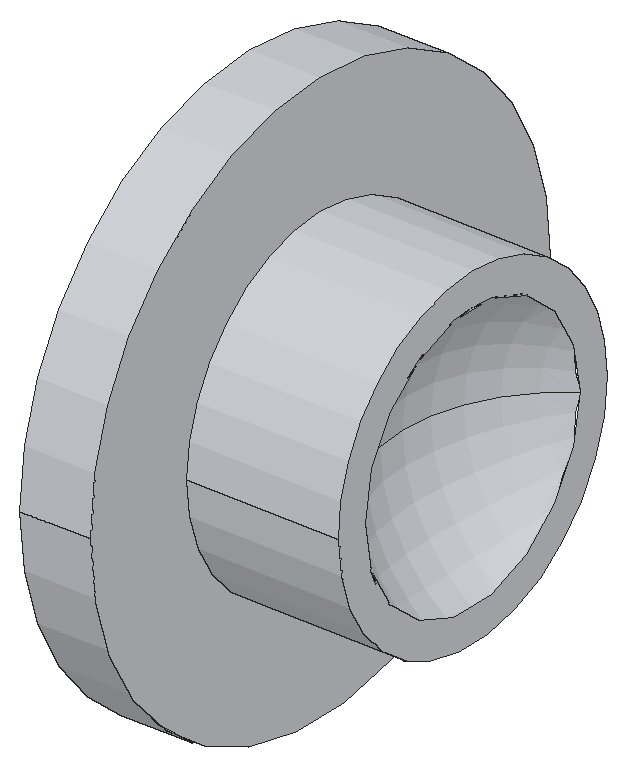
Revit family "b6bd7bbdb654421a8340a6f6a75c6bc0", category Pipe Fittings, Revit 2021
Family settings
  Round Connector Dimension = Use Radius
  Part Type = Cap
  OmniClass Number = 23.60.30.11.14
  OmniClass Title = Pipework Fittings
  Seek Item ID = Cap - PVC - Sch 40-0000-USA-ENU
  Work Plane-Based = No
  Always vertical = Yes
  Cut with Voids When Loaded = No
  Shared = No
Parameters (values of type "Standard")
  Nominal Radius [instance] = 1.5000"
  Nominal Diameter [instance] = Nominal Radius * 2  # 3.0000"
  Loss Method = Not Defined
  Socket Outside Radius [instance] = Socket Outside Diameter / 2  # 2.2400"
  Socket Outside Diameter [instance] = size_lookup(Lookup Table Name, "SOD", 1.08 * Nominal Diameter + 1.12109", Nominal Diameter)  # 4.4800"
  Lookup Table Name = "Cap Dished - MJ - GI - Class 250"
  Length 1 [instance] = (((Socket Outside Radius * Socket Outside Radius) / Gland Width) - Gland Width) / 2  # 2.19894"
  Length [instance] = size_lookup(Lookup Table Name, "Lgt", 0.09 * Nominal Diameter + 2.5700", Nominal Diameter)  # 2.9800"
  Gland Width [instance] = size_lookup(Lookup Table Name, "GWid", 0.03 * Nominal Diameter + 0.9400", Nominal Diameter)  # 0.9400"
  Gland Outside Radius [instance] = Gland Outside Diameter / 2  # 3.8450"
  Gland Outside Diameter [instance] = size_lookup(Lookup Table Name, "GOD", 1.16 * Nominal Diameter + 4.0300", Nominal Diameter)  # 7.6900"
  Default Elevation = 0.0000"
Reference planes (in)
  plane 1 "Center (Front/Back)": y = 0
  plane 2: z = 0
  plane 3 "Center (Left/Right)": x = 0
  plane 4: x = 2.98
  plane 5: y = 2.24
  plane 6: y = -2.24
  plane 7: x = 0.94
  plane 8: x = 2.04
  plane 9 "void cl": x = 4.23894
Forms (in)
  Extrusion 1, solid, detail levels fine
    sketch origin (0, 0, 0) x (0, 1, 0) y (0, 0, 1)
      loop
        circle (0, 0) r 3.845
    from 0 to 0.94
  Extrusion 2, solid, detail levels fine
    sketch origin (0, 0, 0) x (0, 1, 0) y (0, 0, 1)
      loop
        circle (0, 0) r 2.24
    from 0.94 to 2.98
  Revolve 3, void
    sketch origin (0, 0, 0) x (1, 0, 0) y (0, 1, 0)
      loop
        arc (4.23894, 2.19894) -> (2.04, 0) -> (4.23894, -2.19894) r 2.19894
        line (4.23894, -2.19894) -> (4.23894, 2.19894)
      axis (4.23894, 2.19894) -> (4.23894, -2.19894)
    angle from 0 to 360
Cuts and joins
  Revolve 3 cuts Extrusion 2
  joined: Extrusion 1, Extrusion 2
Lines and regions (in)
  model lines, detail levels coarse+medium
    curve 1: line (0, 2.24, 0) -> (2.98, 2.24, 0)
    curve 2: line (2.98, 2.24, 0) -> (2.98, -2.24, 0)
    curve 3: line (2.98, -2.24, 0) -> (0, -2.24, 0)
Dimensions and locks (in)
  "Socket Outside Radius": plane 1 "Center (Front/Back)" to plane 5
  "Socket Outside Radius": plane 6 to plane 1 "Center (Front/Back)"
  "Gland Width": plane 3 "Center (Left/Right)" to plane 7
  "Gland Width": plane 8 to plane 4
  "Length 1": plane 8 to plane 9 "void cl"
  "Length": plane 3 "Center (Left/Right)" to plane 4
  "Gland Outside Radius": radius of Extrusion 1 sketch curve
  "Socket Outside Radius": radius of Extrusion 2 sketch curve
  "Length 1": radius of Revolve 3 sketch curve
  aligned and locked: curve 2 to plane 4
  aligned and locked: plane 3 "Center (Left/Right)" to curve 1
  aligned and locked: plane 3 "Center (Left/Right)" to curve 3
  aligned and locked: curve 1 to plane 5
  aligned and locked: curve 3 to plane 6
  aligned and locked: plane 1 "Center (Front/Back)" to Extrusion 1 sketch curve
  aligned and locked: plane 2 to Extrusion 1 sketch curve
  aligned and locked: Extrusion 1 to plane 3 "Center (Left/Right)"
  aligned and locked: plane 7 to Extrusion 1
  aligned and locked: Extrusion 2 to plane 7
  aligned and locked: plane 4 to Extrusion 2
  aligned and locked: plane 2 to Extrusion 2 sketch curve
  aligned and locked: plane 1 "Center (Front/Back)" to Extrusion 2 sketch curve
  aligned and locked: Revolve 3 sketch curve to plane 9 "void cl"
  aligned and locked: plane 1 "Center (Front/Back)" to Revolve 3 sketch curve
  aligned and locked: Revolve 3 sketch curve to Revolve 3 sketch curve
Automatic sketch dimensions
  plane 6 to Revolve 3 sketch curve = 1.4500"
  Revolve 3 sketch curve to Revolve 3 sketch curve = 0.4750"
Connectors (in)
  piping at (0, 0, 0), diameter 3, driven by "Nominal Radius"
    settings: on Extrusion 1, index 1, connector inside diameter 3.0000", connector length 0.0000", flow factor 0, pipe flow 0 GPM, pressure drop 0.00 psi, fitting loss kfactor 0, connector angle 0.00°, fixture units 0, engagement length 0.0000", angle of deflection 0.00°, flow configuration 0, flow direction 0, fitting loss method 0, system type 28, joint type 0, gender type 0, connector reference index -1, connector utility 0, adjustable connector no, is connector primary yes, connector description ""
